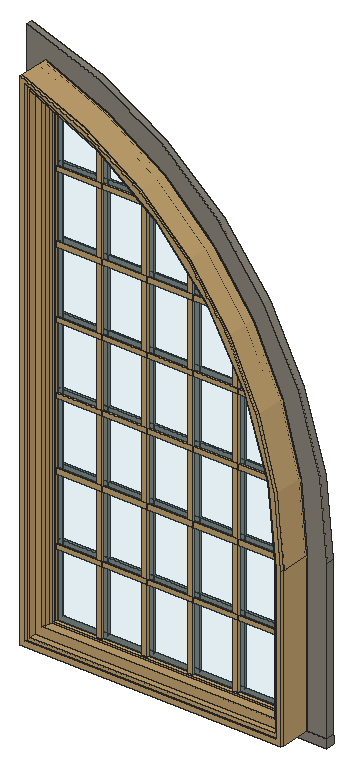
Revit family (continued)
Definition of nested family "Roundtop_Section_Detail"
  Definition of nested family "Head_Detail"
    Lines and regions (in)
      detail lines, style "Cut Lines", in view "Ref. Level"
        curve 14: line (2.87449, -2.313, 0) -> (2.34399, -2.313, 0)
        curve 15: line (2.34399, -2.5005, 0) -> (2, -2.5005, 0)
        curve 16: line (2.87449, -2.1255, 0) -> (2.87449, -2.313, 0)
        curve 17: line (0.53125, -0.8125, 0) -> (0.53125, -1.188, 0)
        curve 18: line (0.125, -0.8125, 0) -> (0.53125, -0.8125, 0)
        curve 19: line (0.125, -2.696, 0) -> (0.125, -0.8125, 0)
        curve 20: line (0.2358, -2.696, 0) -> (0.125, -2.696, 0)
        curve 21: line (0.44605, -2.90625, 0) -> (0.2358, -2.696, 0)
        curve 22: line (0.47297, -2.208, 0) -> (0.47297, -2.90625, 0)
        curve 23: line (1.50299, -2.208, 0) -> (0.47297, -2.208, 0)
        curve 24: line (1.50299, -2.90625, 0) -> (1.50299, -2.208, 0)
        curve 25: line (1.66374, -2.90625, 0) -> (1.50299, -2.90625, 0)
        curve 26: line (2, -2.677, 0) -> (1.89299, -2.677, 0)
        curve 27: line (2, -0.625, 0) -> (2, -2.677, 0)
        curve 28: line (0.47297, -2.90625, 0) -> (0.44605, -2.90625, 0)
        curve 29: line (1.89299, -2.677, 0) -> (1.66374, -2.90625, 0)
        curve 30: line (2.34399, -2.5005, 0) -> (2.34399, -2.313, 0)
        curve 31: line (1.31549, -2.45402, 0) -> (0.69049, -2.45402, 0)
        curve 32: line (1.31549, -2.6605, 0) -> (0.69049, -2.6605, 0)
        curve 33: line (1.50299, -2.353, 0) -> (1.31549, -2.353, 0)
        curve 34: line (0.69049, -2.353, 0) -> (0.50199, -2.353, 0)
      detail lines, style "Cut Lines", in view "Ref. Level", visible <- "Flange"
        curve 7: line (0, 1.5, 0) -> (0, 0.15, 0)
        curve 8: line (-0.04501, 0, 0) -> (-0.04501, 1.5, 0)
        curve 9: line (-0.04501, 1.5, 0) -> (0, 1.5, 0)
        curve 10: line (0.10999, 0.15, 0) -> (0.10999, 0, 0)
        curve 11: line (0, 0.15, 0) -> (0.10999, 0.15, 0)
    Dimensions and locks (in)
      aligned and locked: curve 25 to curve 28
      aligned and locked: curve 24 to curve 33
  Definition of nested family "Sill_Detail"
    Parameters (values of type "Jamb_Detail")
      Flange = yes
      Assembly Code = ""
    Reference planes (in)
      plane 1 "Center (Front/Back)": y = 0
      plane 2: z = 0
      plane 3 "Center (Left/Right)": x = 0
    Lines and regions (in)
      detail lines, style "Cut Lines", in view "Ref. Level"
        curve 1: line (4.56199, 0, 0) -> (4.56199, 1.188, 0)
        curve 2: line (-1.09401, 0, 0) -> (4.56199, 0, 0)
        curve 3: line (4.56199, 1.188, 0) -> (0.53125, 1.188, 0)
        curve 4: line (-1.09401, 0.52105, 0) -> (-1.09401, 0, 0)
        curve 5: line (0.39248, 0.625, 0) -> (-1.09401, 0.52105, 0)
        curve 6: line (0.39248, 0.625, 0) -> (2, 0.625, 0)
        curve 12: line (3.53074, 1.188, 0) -> (3.53074, 2.5005, 0)
        curve 13: line (3.53074, 2.5005, 0) -> (2, 2.5005, 0)
        curve 14: line (0.53125, 0.8125, 0) -> (0.53125, 1.188, 0)
        curve 15: line (0.125, 0.8125, 0) -> (0.53125, 0.8125, 0)
        curve 16: line (0.125, 2.696, 0) -> (0.125, 0.8125, 0)
        curve 17: line (0.2358, 2.696, 0) -> (0.125, 2.696, 0)
        curve 18: line (0.44605, 2.90625, 0) -> (0.2358, 2.696, 0)
        curve 19: line (0.47297, 2.208, 0) -> (0.47297, 2.90625, 0)
        curve 20: line (1.50299, 2.208, 0) -> (0.47297, 2.208, 0)
        curve 21: line (1.50299, 2.90625, 0) -> (1.50299, 2.208, 0)
        curve 22: line (1.66374, 2.90625, 0) -> (1.50299, 2.90625, 0)
        curve 23: line (2, 2.677, 0) -> (1.89299, 2.677, 0)
        curve 24: line (2, 0.625, 0) -> (2, 2.677, 0)
        curve 25: line (0.47297, 2.90625, 0) -> (0.44605, 2.90625, 0)
        curve 26: line (1.89299, 2.677, 0) -> (1.66374, 2.90625, 0)
        curve 27: line (1.31549, 2.45402, 0) -> (0.69049, 2.45402, 0)
        curve 28: line (1.31549, 2.6605, 0) -> (0.69049, 2.6605, 0)
        curve 29: line (1.50299, 2.353, 0) -> (1.31549, 2.353, 0)
        curve 30: line (0.69049, 2.353, 0) -> (0.50199, 2.353, 0)
      detail lines, style "Cut Lines", in view "Ref. Level", visible <- "Flange"
        curve 7: line (0, -1.5, 0) -> (0, -0.15, 0)
        curve 8: line (-0.04501, 0, 0) -> (-0.04501, -1.5, 0)
        curve 9: line (-0.04501, -1.5, 0) -> (0, -1.5, 0)
        curve 10: line (0.10999, -0.15, 0) -> (0.10999, 0, 0)
        curve 11: line (0, -0.15, 0) -> (0.10999, -0.15, 0)
